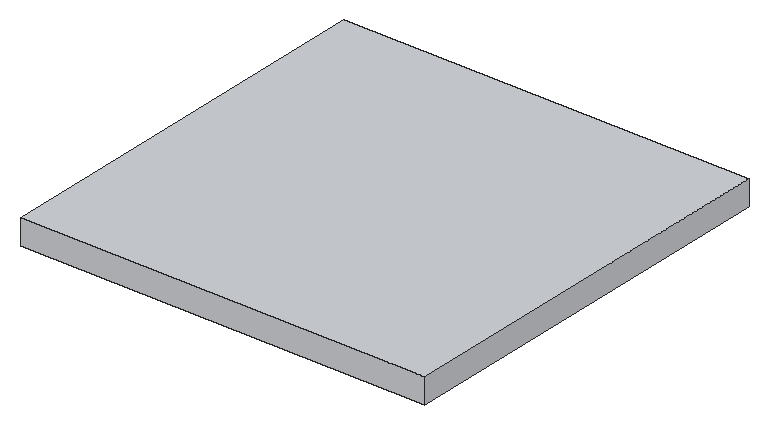
Revit family "Acoustic-Treatment_Wenger_Absorber-Ceiling", category Generic Models, Revit 2016
Family settings
  Part Type = Normal
  Can host rebar = No
  Round Connector Dimension = Use Diameter
  Work Plane-Based = Yes
  Always vertical = No
  Cut with Voids When Loaded = No
  Shared = No
  Room Calculation Point = No
Parameters
  Warranty Duration (Years) = 0
  Unit Width = 2' - 8"
  Unit Weight = 0
  Unit Length = 2' - 8"
  Unit Depth = 0' - 2"
  URL = "https://www.wengercorp.com/"
  Standards Conformance = "as Specified"
  Specification = "http://www.arcat.com/sdspecs/htm04/11_60_01wen.htm"
  SpecWizard = "http://www.arcat.com/specwizard/11061wen/index04.htm"
  Sales Information = "https://www.wengercorp.com/contact-us.php"
  Revision = "R1_2017-12"
  Product Properties = ""
  Product Data = "http://www.arcat.com/arcatcos/cos36/arc36487.html"
  Model = "As Specified"
  Manufacturer Website = "https://www.wengercorp.com/"
  Manufacturer Phone - Toll Free = ""
  Manufacturer Phone = ""
  Manufacturer Fax = ""
  Manufacturer Address = ""
  Manufacturer = "Wenger Corporation"
  Maintenance Schedule (Months) = 0
  Keynote = "11 60 01"
  Installation-Fabrication = ""
  Installation Phase = ""
  Green Building-LEED = "http://www.arcat.com/green/clients/leed_data_36487.html"
  Exterior Finish [instance] = none
  Expected Lifespan (Years) = 0
  Drawn By = "Sumex Design, Inc. / Robert S. Weygant, CSI, CDT, SCIP"
  Description = "Wenger Acoustic Product as Specified"
  Default Elevation = 0' - 0"
  Copyright = "©Arcat Inc."
  Construction Details = "http://www.arcat.com/details/wengerco/wengerco.html?coid=36487"
  Assembly Code = "E1020300"
Reference planes (in)
  plane 1 "Center (Front/Back)": y = 0
  plane 2 "Bottom": z = 0
  plane 3 "Center (Left/Right)": x = 0
  plane 4 "Front": y = -16
  plane 5 "Back": y = 16
  plane 6 "Left": x = -16
  plane 7 "Right": x = 16
  plane 8 "Top": z = -2
Forms (in)
  Extrusion 1, solid, material <- "Exterior Finish"
    sketch origin (0, 0, 0) x (1, 0, 0) y (0, 1, 0)
      loop
        line (-16, 16) -> (-16, -16) -> (16, -16) -> (16, 16) -> (-16, 16)
    from 0 to -2
Dimensions and locks (in)
  equal spacing: plane 6 "Left", plane 3 "Center (Left/Right)", plane 7 "Right"
  "Unit Length": plane 6 "Left" to plane 7 "Right"
  equal spacing: plane 5 "Back", plane 1 "Center (Front/Back)", plane 4 "Front"
  "Unit Width": plane 5 "Back" to plane 4 "Front"
  "Unit Depth": level to plane 8 "Top"
  aligned and locked: Extrusion 1 sketch curve to plane 5 "Back"
  aligned and locked: plane 6 "Left" to Extrusion 1 sketch curve
  aligned and locked: plane 4 "Front" to Extrusion 1 sketch curve
  aligned and locked: Extrusion 1 sketch curve to plane 7 "Right"
  aligned and locked: plane 8 "Top" to Extrusion 1
